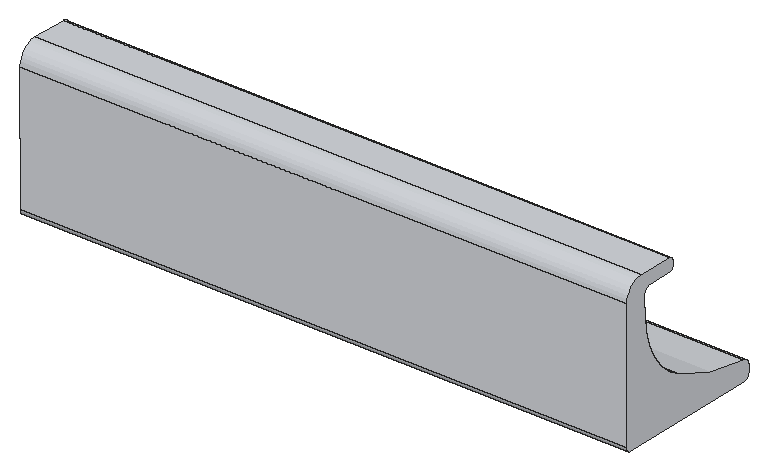
Revit family "Accessory-Cabinet_Pull-KOHLER-Loure-K-11576", category Specialty Equipment, host Face, Revit 2015
Parameters (values of type "CP-Polished Chrome")
  Width = 1"  # constant formula
  WaterSense Certified = 1 = 0  # no
  URL = "https://www.us.kohler.com/us/"
  Type = 1
  Product Page URL = "http://www.us.kohler.com/us/catalog/productDetails.jsp?productNumber=11576"
  Product Name = "Loure"  # constant formula
  Product Documentation Link = "https://www.us.kohler.com/webassets/kpna/catalog/pdf/en/K-11576_spec.pdf"
  Model = if(Type = 1, "K-11576-CP", if(Type = 2, "K-11576-SN", if(Type = 3, "K-11576-BN", "NA")))  # "K-11576-CP"
  Material = "Premium Metal Construction"  # constant formula
  MasterFormat 2004 = "10.28.13"  # constant formula
  MasterFormat 1995 = "10820"  # constant formula
  Manufacturer Address = "444 Highland Dr, Kohler, WI 53044"  # constant formula
  Manufacturer = "KOHLER Co."  # constant formula
  Length = 4"  # constant formula
  Height = 1"  # constant formula
  Finish = Kohler-Metal-CP-Polished_Chrome
  Environmental Product Declaration = ""
  Description = "3 inch pull"  # constant formula
  Default Elevation = 42"
  Declare Label = ""
  Date Modified = "04/18/2019"  # constant formula
  Date Created = "04/18/2019"  # constant formula
  Copyright = "Copyright KOHLER Co."  # constant formula
  Contact Us = "https://www.us.kohler.com/us/static/contact.jsp"
  Assembly Code = "C1030200"
  ADA Compliant = 1 = 0  # no
Types (4): name | Type | Model | Finish
  (no name) | 1 | "K-11576-CP" | Kohler-Metal-CP-Polished_Chrome
  CP-Polished Chrome | 1 | "K-11576-CP" | Kohler-Metal-CP-Polished_Chrome
  SN-Vibrant Polished Nickel | 2 | "K-11576-SN" | Kohler-Metal-SN-Vibrant_Polished_Nickel
  BN-Vibrant Brushed Nickel | 3 | "K-11576-BN" | Kohler-Metal-BN-Vibrant_Brushed_Nickel
Reference planes (in)
  plane 1 "Center (Front/Back)": y = 0
  plane 2: z = 0
  plane 3 "Center (Left/Right)": x = 0
  plane 4: x = -2
  plane 5: y = 0.5
  plane 6: y = -0.5
  plane 7: z = 1
  plane 8: x = 2
  plane 9: x = -1.5
  plane 10: x = 1.5
  plane 11: y = -0.125
Dimensions and locks (in)
  "Height": plane 5 to plane 6
  "Width": plane 7 to level
  "Length": plane 4 to plane 8
  locked: plane 9 to plane 10 at 3
  aligned and locked: plane 2 to host face
  aligned and locked: level to host face
Automatic sketch dimensions
  host sketch curve to host sketch curve = 96"  (x2)
Nested families (in)
  nested 1: "K-11576" at (0, 0, 0), type "K-11576"
Definition of nested family "K-11576"
  Parameters (values of type "K-11576")
    Material = none
  Reference planes (in)
    plane 1 "Center (Front/Back)": y = 0
    plane 2: z = 0
    plane 3 "Center (Left/Right)": x = 0
    plane 4: y = 0.5
    plane 5: x = -2
    plane 6: x = 2
    plane 7: y = -0.5
    plane 8: z = 1
    plane 9: y = -0.125
  Forms (in)
    Extrusion 1, solid, material <- "Material", detail levels medium+fine
      sketch origin (0, -0.50001, 0.50001) x (0, 0, -1) y (0, 1, 0)
        loop
          line (-0.41553, 0.19455) -> (-0.41832, 0.35432)
          arc (-0.41832, 0.35432) -> (-0.42461, 0.36897) -> (-0.43937, 0.37501) r 0.02106
          line (-0.43937, 0.37501) -> (-0.47609, 0.37501)
          arc (-0.47609, 0.37501) -> (-0.48998, 0.36933) -> (-0.49591, 0.35553) r 0.01982
          line (-0.49591, 0.35553) -> (-0.5, 0.12124)
          arc (-0.5, 0.12124) -> (-0.46585, 0.03564) -> (-0.38085, 0) r 0.11916
          line (-0.38085, 0) -> (0.46876, 0)
          arc (0.46876, 0) -> (0.49086, 0.00915) -> (0.50001, 0.03125) r 0.03125
          line (0.50001, 0.03125) -> (0.50001, 0.96421)
          arc (0.50001, 0.96421) -> (0.48952, 0.98952) -> (0.46421, 1.00001) r 0.0358
          line (0.46421, 1.00001) -> (0.41009, 1.00001)
          arc (0.41009, 1.00001) -> (0.38515, 0.99031) -> (0.37333, 0.9663) r 0.0369
          arc (0.37333, 0.9663) -> (0.32358, 0.69381) -> (0.22373, 0.43544) r 1.47394
          arc (0.22373, 0.43544) -> (0.06799, 0.24961) -> (-0.15495, 0.15429) r 0.52148
          arc (-0.15495, 0.15429) -> (-0.25436, 0.14115) -> (-0.35447, 0.13559) r 1.32001
          arc (-0.35447, 0.13559) -> (-0.39721, 0.15243) -> (-0.41553, 0.19455) r 0.06001
      from -2 to 2
    Extrusion 2, solid, material <- "Material", detail levels coarse
      sketch origin (0, -0.50001, 0.50001) x (0, 0, -1) y (0, 1, 0)
        loop
          line (0.5, 1) -> (0.37682, 1) -> (-0.39592, 0.15122) -> (-0.39592, 0.37501) -> (-0.5, 0.37501) -> (-0.5, 0) -> (0.5, 0) -> (0.5, 1)
      from -2 to 2
  Lines and regions (in)
    Masking region 1
      outline origin (0, -0.50001, 0.50001) x (0, 0, -1) y (0, 1, 0)
        loop
          arc (0.37349, 0.96818) -> (0.32383, 0.69472) -> (0.22373, 0.43544) r 1.47394
          arc (0.22373, 0.43544) -> (0.06799, 0.24961) -> (-0.15495, 0.15429) r 0.52148
          arc (-0.15495, 0.15429) -> (-0.25436, 0.14115) -> (-0.35447, 0.13559) r 1.32001
          arc (-0.35447, 0.13559) -> (-0.39721, 0.15243) -> (-0.41553, 0.19455) r 0.06001
          line (-0.41553, 0.19455) -> (-0.41831, 0.35378)
          arc (-0.41831, 0.35378) -> (-0.42477, 0.36881) -> (-0.43991, 0.37501) r 0.02161
          line (-0.43991, 0.37501) -> (-0.47512, 0.37501)
          arc (-0.47512, 0.37501) -> (-0.4898, 0.36898) -> (-0.49601, 0.35438) r 0.02089
          arc (-0.49601, 0.35438) -> (-0.49773, 0.23773) -> (-0.49999, 0.12109) r 25.50775
          arc (-0.49999, 0.12109) -> (-0.46598, 0.0354) -> (-0.38085, 0) r 0.11853
          line (-0.38085, 0) -> (0.47013, 0)
          arc (0.47013, 0) -> (0.49133, 0.00889) -> (0.49985, 0.03024) r 0.02972
          line (0.49985, 0.03024) -> (0.50001, 0.96552)
          arc (0.50001, 0.96552) -> (0.48991, 0.98991) -> (0.46552, 1.00001) r 0.03449
          line (0.46552, 1.00001) -> (0.40816, 1.00001)
          arc (0.40816, 1.00001) -> (0.38462, 0.99085) -> (0.37349, 0.96818) r 0.0348
    Masking region 2
      outline origin (0, 0, 0) x (1, 0, 0) y (0, 0, 1)
        loop
          line (-2, 1) -> (-2, 0) -> (2, 0) -> (2, 1) -> (-2, 1)
    Masking region 3
      outline origin (0, 0, 0) x (1, 0, 0) y (0, 1, 0)
        loop
          line (-2, 0.5) -> (-2, -0.5) -> (2, -0.5) -> (2, 0.5) -> (-2, 0.5)
    symbolic lines, detail levels medium+fine
      curve 1: line (2, -0.12087, 0) -> (-2, -0.12087, 0)
      curve 2: line (2, 0, 0.12319) -> (-2, 0, 0.12319)
      curve 3: line (2, 0, 0.91554) -> (-2, 0, 0.91554)
  Dimensions and locks (in)
    aligned and locked: level to plane 2
